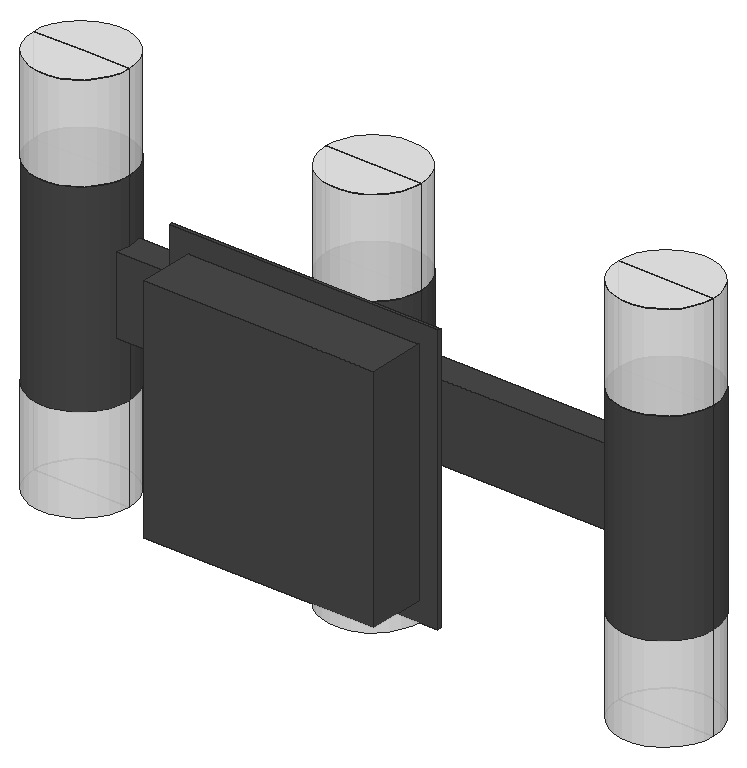
Revit family "3-596-15 Alarum", category Luminarias, Revit 2021
Family settings
  Anfitrión = Muro
  Cota de conector redondo = Diámetro de uso
  Tipo de pieza = Normal
  Número OmniClass = 23.80.70.00
  Título OmniClass = Lighting
  Siempre vertical = Sí
  Corte con vacíos al cargar = No
  Origen de luz = Sí
  Compartido = No
  Punto de cálculo de habitación = No
Parameters (values of type "3-596-15 / Black - Matte White Acrylic")
  Elevación por defecto = 0.00"
  Comentarios de vataje = "1 x 19.15 W at 120 V"  # constant formula
  Wattage = 19.15 W
  built-in parameter 1150110 = 1 (stored number, unit not read)
  Voltage Input = "120 V or 277 V - 50/60 Hz"  # constant formula
  Voltage = 120 V
  URL = "www.oxygenlighting.com"
  built-in parameter 1114217 = 1 (stored number, unit not read)
  Tilt Angle = 0.00°  # constant formula
  built-in parameter 1150109 = 1 (stored number, unit not read)
  built-in parameter 1150134 = (empty or 0)
  built-in parameter 1150113 = 1 (stored number, unit not read)
  References = "Ref. 3 = 120 V / Ref. 37 = 277 V"  # constant formula
  Archivo de red fotométrica = "3-596-15 Alarum.ies"
  Modelo = "3-XX-xx / Alarum"  # constant formula
  Metal Finish = 15 - Black
  Fabricante = "Oxygen Lighting and Fans"  # constant formula
  Lumens = 1045.59 lm
  built-in parameter 1150115 = 1 (stored number, unit not read)
  built-in parameter 1150105 = 83.205 (stored number, unit not read)
  built-in parameter 1150137 = (empty or 0)
  built-in parameter 1150139 = (empty or 0)
  built-in parameter 1150112 = 1 (stored number, unit not read)
  built-in parameter 1150114 = 1 (stored number, unit not read)
  Lámpara = "LED Array"  # constant formula
  built-in parameter 1150132 = (empty or 0)
  built-in parameter 1150102 = (empty or 0)
  built-in parameter 1150138 = (empty or 0)
  built-in parameter 1150107 = 3000 (stored number, unit not read)
  built-in parameter 1150106 = 0.83205 (stored number, unit not read)
  built-in parameter 1150104 = 5.0725 (stored number, unit not read)
  Dimming Lamp Color Temperature Shift = (empty or 0)
  Diffusers = Matte White Acrylic
  Color Filter = 16777215
  built-in parameter 1114218 = 1 (stored number, unit not read)
  built-in parameter 1150133 = 10 (stored number, unit not read)
Types (2): name | Metal Finish
  3-596-15 / Black - Matte White Acrylic | 15 - Black
  3-596-40 / Satin Nickel - Matte White Acrylic | 24 - Satin Nickel
Reference planes (in)
  plane 1: y = 0
  plane 2 "Light Source Axis (L/R)": x = 4.92126
  plane 3 "Light Source Axis (F/R)": y = 7.29776
  plane 4 "Light Source Elevation": z = 37
  plane 5: y = 2.95276
  plane 6: z = 39.75
Text (in)
  text "Placement side" at (-70.3598, 43.96769, 0), in view "Ref. Level"
  text "Placement side" at (0, 83.08644, 117.56134), in view "Left"
  text "Placement side" at (0, 24.74324, 118.58137), in view "Right"
Dimensions and locks (in)
  locked: plane 3 "Light Source Axis (F/R)" to plane 5 at 4.345
  locked: plane 6 to plane 4 "Light Source Elevation" at 2.75
  aligned and locked: plane 1 to host wall
  aligned and locked: plane 5 to host wall
  aligned and locked: plane 5 to nested 1
  aligned and locked: plane 3 "Light Source Axis (F/R)" to imposter light
  aligned and locked: nested 1 to plane 4 "Light Source Elevation"
  aligned and locked: plane 6 to imposter light
Nested families (in)
  nested 1: "Family2" at (4.92126, 2.95276, 39.75591) x (-1, 0, 0) z (0, 0, 1), type "Family2"
Definition of nested family "Family2"
  Parameters (values of type "Family2")
    Metal Finish 2 = none
    Metal Finish 1 = none
    Height = 10.00"
    Default Elevation = 0.00"
    Diffuser = none
  Reference planes (in)
    plane 1 "Center (Front/Back)": y = 0
    plane 2: z = 0
    plane 3 "Center (Left/Right)": x = 0
  Forms (in)
    Extrusion 1, solid, material <- "Metal Finish 1"
      sketch origin (0, 0, 0) x (1, 0, 0) y (0, 0, 1)
        loop
          line (-2.3622, 2.3622) -> (-2.3622, -2.3622) -> (2.3622, -2.3622) -> (2.3622, 2.3622) -> (-2.3622, 2.3622)
      from 1.15 to 0
    Extrusion 2, solid, material <- "Metal Finish 1"
      sketch origin (0, 0, 0) x (1, 0, 0) y (0, 0, 1)
        loop
          line (-2.75591, 2.75591) -> (-2.75591, -2.75591) -> (2.75591, -2.75591) -> (2.75591, 2.75591) -> (-2.75591, 2.75591)
      from 1.15 to 1.22
    Revolve 3, solid, material <- "Diffuser"
      sketch origin (-6.00394, -2.95298, 0) x (1, 0, 0) y (0, 0, 1)
        loop
          line (0, 4.03543) -> (0, 2.06693) -> (0.98425, 2.06693) -> (0.98425, 4.03543) -> (0, 4.03543)
        loop
          line (0.98425, -2.06693) -> (0, -2.06693) -> (0, -4.03543) -> (0.98425, -4.03543) -> (0.98425, -2.06693)
        axis (0, 4.03543) -> (0, -4.03543)
      angle from 0 to 360
    Revolve 4, solid, material <- "Metal Finish 1"
      sketch origin (-6.00394, -2.95298, 0) x (1, 0, 0) y (0, 0, 1)
        loop
          line (0, 2.06693) -> (0, -2.06693) -> (0.98425, -2.06693) -> (0.98425, 2.06693) -> (0, 2.06693)
        axis (0, 2.06693) -> (0, -2.06693)
      angle from 0 to 360
    Extrusion 5, solid, material <- "Metal Finish 1"
      sketch origin (0, 0, 0) x (1, 0, 0) y (0, 1, 0)
        loop
          line (-0.29528, -1.22) -> (-0.29528, -2.6577) -> (-5.37606, -2.6577) -> (-5.37606, -3.24825) -> (5.33742, -3.24825) -> (5.33742, -2.6577) -> (0.29528, -2.6577) -> (0.29528, -1.22) -> (-0.29528, -1.22)
      from -0.7874 to 0.7874
    Revolve 6, solid, material <- "Diffuser"
      sketch origin (6.00394, -2.95298, 0) x (1, 0, 0) y (0, 0, 1)
        loop
          line (0, 4.03543) -> (0, 2.06693) -> (0.98425, 2.06693) -> (0.98425, 4.03543) -> (0, 4.03543)
        loop
          line (0.98425, -2.06693) -> (0, -2.06693) -> (0, -4.03543) -> (0.98425, -4.03543) -> (0.98425, -2.06693)
        axis (0, 4.03543) -> (0, -4.03543)
      angle from 0 to 360
    Revolve 7, solid, material <- "Metal Finish 1"
      sketch origin (6.00394, -2.95298, 0) x (1, 0, 0) y (0, 0, 1)
        loop
          line (0, 2.06693) -> (0, -2.06693) -> (0.98425, -2.06693) -> (0.98425, 2.06693) -> (0, 2.06693)
        axis (0, 2.06693) -> (0, -2.06693)
      angle from 0 to 360
    Revolve 8, solid, material <- "Diffuser"
      sketch origin (0.00394, -2.95298, 0) x (1, 0, 0) y (0, 0, 1)
        loop
          line (0, 4.03543) -> (0, 2.06693) -> (0.98425, 2.06693) -> (0.98425, 4.03543) -> (0, 4.03543)
        loop
          line (0.98425, -2.06693) -> (0, -2.06693) -> (0, -4.03543) -> (0.98425, -4.03543) -> (0.98425, -2.06693)
        axis (0, 4.03543) -> (0, -4.03543)
      angle from 0 to 360
    Revolve 9, solid, material <- "Metal Finish 1"
      sketch origin (0.00394, -2.95298, 0) x (1, 0, 0) y (0, 0, 1)
        loop
          line (0, 2.06693) -> (0, -2.06693) -> (0.98425, -2.06693) -> (0.98425, 2.06693) -> (0, 2.06693)
        axis (0, 2.06693) -> (0, -2.06693)
      angle from 0 to 360
  Cuts and joins
    joined: Revolve 4, Extrusion 5, Revolve 7, Revolve 9
  Dimensions and locks (in)
    aligned and locked: level to plane 2
